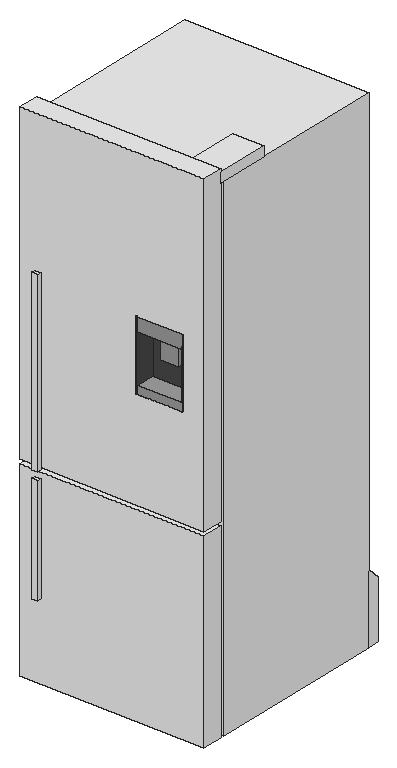
Revit family "FP_SDA_Data_Sheet_E402BRXFDU4_Fridge_ISSUE1 Metric", category Specialty Equipment, Revit 2015
Parameters
  URL = "www.yepsketch.com"
  Model = "FP_SDA_Data_Sheet_E402BRXFDU4_Fridge_ISSUE1"
  Manufacturer = "Fishe & Paykel"
  Description = "D20 20000"
  Author = "Yepsketch"
Reference planes
  plane 1 "Center (Front/Back)": y = 0
  plane 2: z = 0
  plane 3 "Center (Left/Right)": x = 0
  plane 4: y = 625
  plane 5: x = 635
  plane 6: z = 1715
  plane 7: y = -70
Forms (mm)
  Extrusion 1, solid, material "ALUMINIUM"
    sketch origin (0, 0, 0) x (1, 0, 0) y (0, 1, 0)
      loop
        line (0, 625) -> (0, 0) -> (635, 0) -> (635, 625) -> (0, 625)
    from 0 to 1715
  Extrusion 2, solid, material "ALUMINIUM"
    sketch origin (0, 0, 0) x (0, 1, 0) y (0, 0, 1)
      loop
        line (664.877, 200) -> (625, 239.877) -> (625, 0) -> (664.877, 0) -> (664.877, 200)
    from 0 to 635
  Extrusion 3, solid, material "ALUMINIUM"
    sketch origin (0, 0, 0) x (0, 1, 0) y (0, 0, 1)
      loop
        line (171.735, 1715) -> (171.735, 1750) -> (-13.376, 1750) -> (-13.376, 1715) -> (171.735, 1715)
    from 529.686 to 635
  Extrusion 4, solid, material "ALUMINIUM"
    sketch origin (0, 0, 0) x (0, 1, 0) y (0, 0, 1)
      loop
        line (-13.376, 1760.115) -> (-84.494, 1760.115) -> (-84.494, 670) -> (-13.376, 670) -> (-13.376, 1760.115)
    from 0 to 635
  Extrusion 5, solid, material "WHITE"
    sketch origin (0.446, 29.321, -6.331) x (1, 0, 0) y (0, 0, 1)
      loop
        line (81.259, 1287.856) -> (61.259, 1287.856) -> (61.259, 677.856) -> (81.259, 677.856) -> (81.259, 1287.856)
      loop
        line (61.259, 651.389) -> (61.259, 278.975) -> (81.259, 278.975) -> (81.259, 651.389) -> (61.259, 651.389)
    from 127.546 to 140
  Extrusion 6, solid, material "ALUMINIUM"
    sketch origin (0, 0, 0) x (1, 0, 0) y (0, 0, 1)
      loop
        line (0, 657.318) -> (0, 0) -> (635, 0) -> (635, 657.318) -> (0, 657.318)
    from 13.376 to 84.494
  Extrusion 7, void
    sketch origin (0, 0, 0) x (1, 0, 0) y (0, 0, 1)
      loop
        line (400.761, 1253.991) -> (400.761, 1013.991) -> (560.761, 1013.991) -> (560.761, 1253.991) -> (400.761, 1253.991)
    from 13.376 to 107.635
  Extrusion 8, solid, material "GRAY"
    sketch origin (0, 0, 0) x (1, 0, 0) y (0, 0, 1)
      loop
        line (400.761, 1253.991) -> (400.761, 1206.545) -> (560.761, 1206.545) -> (560.761, 1253.991) -> (400.761, 1253.991)
      loop
        line (560.761, 1013.991) -> (560.761, 1041.201) -> (400.761, 1041.201) -> (400.761, 1013.991) -> (560.761, 1013.991)
    from 13.376 to 84.494
  Extrusion 9, solid, material "GRAY"
    sketch origin (0, 0, 0) x (1, 0, 0) y (0, 0, 1)
      loop
        line (451.874, 1206.545) -> (451.874, 1116.545) -> (511.874, 1116.545) -> (511.874, 1206.545) -> (451.874, 1206.545)
    from 25.934 to 40
  Extrusion 10, solid, material "BLACK"
    sketch origin (0, 0, 0) x (1, 0, 0) y (0, 0, 1)
      loop
        line (400.761, 1253.991) -> (400.761, 1013.991) -> (560.761, 1013.991) -> (560.761, 1253.991) -> (400.761, 1253.991)
    from 13.376 to 18.376
  Extrusion 11, solid, material "BLACK"
    sketch origin (0, 0, 0) x (1, 0, 0) y (0, 0, 1)
      loop
        line (400.761, 1253.991) -> (400.761, 1013.991) -> (404.332, 1013.991) -> (404.332, 1253.991) -> (400.761, 1253.991)
      loop
        line (560.761, 1253.991) -> (557.19, 1253.991) -> (557.19, 1013.991) -> (560.761, 1013.991) -> (560.761, 1253.991)
    from 13.376 to 84.494
Cuts and joins
  Extrusion 7 cuts Extrusion 1
  Extrusion 7 cuts Extrusion 4
Dimensions and locks
  aligned and locked: level to plane 2
